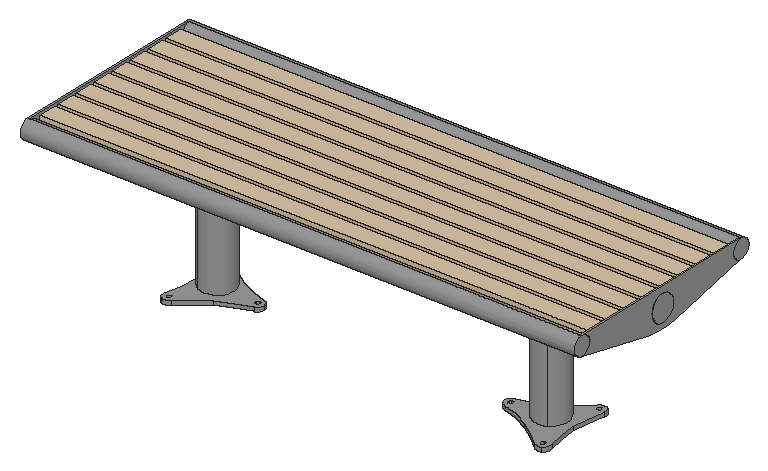
Revit family "Скамейка без спинки «Палермо натур»", category Мебель, Revit 2017
Family settings
  Номер OmniClass = 23.40.20.00
  Заголовок OmniClass = General Furniture and Specialties
  На основе рабочей плоскости = Нет
  Всегда вертикально = Да
  При загрузке вырезать с полостями = Нет
  Общий = Нет
  Точка расчета площади = Нет
Parameters (values of type "Скамейка без спинки «Палермо натур»")
  Стоимость = 0
  Изготовитель = "ООО \"Хоббика\""
  URL = "https://hobbyka.ru/product/skameyka_bez_spinki_palermo_natur/?sphrase_id=64312"
  ADSK_Размер_Ширина = 591 mm
  ADSK_Размер_Длина = 1500 mm
  ADSK_Размер_Высота = 426 mm
  ADSK_Наименование = "Скамейка без спинки «Палермо натур»"
  ADSK_Материал опоры = Алюминий 1100-H18
  ADSK_Материал доски = Лиственница
  ADSK_Код изделия = "11346"
Reference planes
  plane 1 "По центру (Вперед/Назад)": y = 0
  plane 2: z = 0
  plane 3 "По центру (Влево/Вправо)": x = 0
  plane 4: x = -750
  plane 5: x = 750
  plane 6: x = 720
  plane 7: x = -720
  plane 8: x = -756
  plane 9: x = 756
Forms (mm)
  Extrusion 1, solid, material "Алюминий 1100-H18" <- "ADSK_Материал опоры"
    sketch origin (0, 0, 0) x (0, 1, 0) y (0, 0, 1)
      loop
        circle (-270.901, 411.968) r 25.032
      loop
        circle (270.901, 411.968) r 25.032
    from -756 to 756
  Extrusion 2, solid, material "Алюминий 1100-H18" <- "ADSK_Материал опоры"
    sketch origin (0, 0, 0) x (1, 0, 0) y (0, 1, 0)
      loop
        line (-15, 258.5) -> (-15, -258.385) -> (15, -258.385) -> (15, 258.5) -> (-15, 258.5)
    from 390 to 398
  Extrusion 3, solid, material "Алюминий 1100-H18" <- "ADSK_Материал опоры"
    sketch origin (885, 0, 0) x (1, 0, 0) y (0, 1, 0)
      loop
        line (-165, 258.5) -> (-165, -258.385) -> (-135, -258.385) -> (-135, 258.5) -> (-165, 258.5)
    from 390 to 398
  Extrusion 4, solid, material "Алюминий 1100-H18" <- "ADSK_Материал опоры"
    sketch origin (-885, 0, 0) x (-1, 0, 0) y (0, -1, 0)
      loop
        line (-165, -258.5) -> (-135, -258.5) -> (-135, 258.385) -> (-165, 258.385) -> (-165, -258.5)
    from 390 to 398
  Extrusion 5, solid, material "Лиственница" <- "ADSK_Материал доски"
    sketch origin (0, 0, 0) x (1, 0, 0) y (0, 1, 0)
      loop
        line (750, 188.375) -> (750, 239.5) -> (-750, 239.5) -> (-750, 188.375) -> (750, 188.375)
    from 398 to 433
  Extrusion 6, solid, material "Лиственница" <- "ADSK_Материал доски"
    sketch origin (200, -427.875, 0) x (1, 0, 0) y (0, 1, 0)
      loop
        line (550, 188.375) -> (550, 239.5) -> (-950, 239.5) -> (-950, 188.375) -> (550, 188.375)
    from 398 to 433
  Extrusion 7, solid, material "Лиственница" <- "ADSK_Материал доски"
    sketch origin (28.571, -61.125, 0) x (1, 0, 0) y (0, 1, 0)
      loop
        line (721.429, 188.375) -> (721.429, 239.5) -> (-778.571, 239.5) -> (-778.571, 188.375) -> (721.429, 188.375)
    from 398 to 433
  Extrusion 8, solid, material "Лиственница" <- "ADSK_Материал доски"
    sketch origin (57.143, -122.25, 0) x (1, 0, 0) y (0, 1, 0)
      loop
        line (692.857, 188.375) -> (692.857, 239.5) -> (-807.143, 239.5) -> (-807.143, 188.375) -> (692.857, 188.375)
    from 398 to 433
  Extrusion 9, solid, material "Лиственница" <- "ADSK_Материал доски"
    sketch origin (85.714, -183.375, 0) x (1, 0, 0) y (0, 1, 0)
      loop
        line (664.286, 188.375) -> (664.286, 239.5) -> (-835.714, 239.5) -> (-835.714, 188.375) -> (664.286, 188.375)
    from 398 to 433
  Extrusion 10, solid, material "Лиственница" <- "ADSK_Материал доски"
    sketch origin (114.286, -244.5, 0) x (1, 0, 0) y (0, 1, 0)
      loop
        line (635.714, 188.375) -> (635.714, 239.5) -> (-864.286, 239.5) -> (-864.286, 188.375) -> (635.714, 188.375)
    from 398 to 433
  Extrusion 11, solid, material "Лиственница" <- "ADSK_Материал доски"
    sketch origin (142.857, -305.625, 0) x (1, 0, 0) y (0, 1, 0)
      loop
        line (607.143, 188.375) -> (607.143, 239.5) -> (-892.857, 239.5) -> (-892.857, 188.375) -> (607.143, 188.375)
    from 398 to 433
  Extrusion 12, solid, material "Лиственница" <- "ADSK_Материал доски"
    sketch origin (171.429, -366.75, 0) x (1, 0, 0) y (0, 1, 0)
      loop
        line (578.571, 188.375) -> (578.571, 239.5) -> (-921.429, 239.5) -> (-921.429, 188.375) -> (578.571, 188.375)
    from 398 to 433
Dimensions and locks
  equal spacing: plane 4, plane 3 "По центру (Влево/Вправо)", plane 5
  "ADSK_Размер_Длина": plane 4 to plane 5
  plane 6 to plane 5 = 30 mm
  Extrusion 2 to Extrusion 2 = 30 mm
  locked: plane 4 to plane 7 at 30
  locked: plane 8 to plane 4 at 6
  locked: plane 5 to plane 9 at 6
  aligned and locked: level to plane 2
  aligned and locked: plane 4 to nested 1
  aligned and locked: plane 5 to nested 2
  aligned and locked: plane 5 to Extrusion 3
  aligned and locked: Extrusion 3 to plane 6
  aligned and locked: Extrusion 4 to plane 4
  aligned and locked: Extrusion 4 to plane 7
  aligned and locked: Extrusion 3 to Extrusion 5
  aligned and locked: Extrusion 6 to plane 4  (x2)
  aligned and locked: Extrusion 5 to plane 4
  aligned and locked: Extrusion 7 to plane 4
  aligned and locked: Extrusion 8 to plane 4
  aligned and locked: Extrusion 9 to plane 4
  aligned and locked: Extrusion 10 to plane 4
  aligned and locked: Extrusion 11 to plane 4
  aligned and locked: Extrusion 12 to plane 4
  aligned and locked: plane 5 to Extrusion 5
  aligned and locked: plane 5 to Extrusion 7
  aligned and locked: plane 5 to Extrusion 8
  aligned and locked: plane 5 to Extrusion 9
  aligned and locked: plane 5 to Extrusion 10
  aligned and locked: plane 5 to Extrusion 11
  aligned and locked: plane 5 to Extrusion 12
  aligned and locked: plane 5 to Extrusion 6
  aligned and locked: Extrusion 1 to plane 9
  aligned and locked: Extrusion 1 to plane 8
Automatic sketch dimensions
  plane 1 "По центру (Вперед/Назад)" to Extrusion 1 sketch curve = 270.901 mm
  Extrusion 1 sketch curve to Extrusion 1 sketch curve = 0 mm  (x6)
  Extrusion 1 sketch curve to plane 1 "По центру (Вперед/Назад)" = 270.901 mm
  level to Extrusion 1 sketch curve = 411.968 mm  (x2)
  Extrusion 1 sketch curve to Extrusion 1 sketch curve = 25.032 mm  (x2)
  Extrusion 2 sketch curve to plane 3 "По центру (Влево/Вправо)" = 15 mm
  plane 3 "По центру (Влево/Вправо)" to Extrusion 2 sketch curve = 15 mm
  plane 1 "По центру (Вперед/Назад)" to Extrusion 2 sketch curve = 258.385 mm
  Extrusion 2 sketch curve to Extrusion 2 sketch curve = 0 mm
  Extrusion 2 sketch curve to plane 1 "По центру (Вперед/Назад)" = 258.5 mm
  Extrusion 3 sketch curve to plane 6 = 0 mm
  Extrusion 3 sketch curve to plane 5 = 0 mm
  plane 1 "По центру (Вперед/Назад)" to Extrusion 3 sketch curve = 258.385 mm
  Extrusion 3 sketch curve to Extrusion 3 sketch curve = 0 mm
  Extrusion 3 sketch curve to plane 1 "По центру (Вперед/Назад)" = 258.5 mm
  Extrusion 4 sketch curve to plane 7 = 0 mm
  Extrusion 4 sketch curve to plane 4 = 0 mm
  Extrusion 4 sketch curve to plane 1 "По центру (Вперед/Назад)" = 258.385 mm
  Extrusion 4 sketch curve to Extrusion 4 sketch curve = 0 mm
  plane 1 "По центру (Вперед/Назад)" to Extrusion 4 sketch curve = 258.5 mm
  Extrusion 5 sketch curve to Extrusion 5 sketch curve = 51.125 mm  (x2)
  Extrusion 5 sketch curve to Extrusion 5 sketch curve = 1500 mm
  Extrusion 5 sketch curve to Extrusion 5 sketch curve = 0 mm
  Extrusion 6 sketch curve to Extrusion 6 sketch curve = 51.125 mm  (x2)
  Extrusion 6 sketch curve to Extrusion 6 sketch curve = 1500 mm
  Extrusion 6 sketch curve to Extrusion 6 sketch curve = 0 mm
  Extrusion 7 sketch curve to Extrusion 7 sketch curve = 51.125 mm  (x2)
  Extrusion 7 sketch curve to Extrusion 7 sketch curve = 1500 mm
  Extrusion 7 sketch curve to Extrusion 7 sketch curve = 0 mm
  Extrusion 8 sketch curve to Extrusion 8 sketch curve = 51.125 mm  (x2)
  Extrusion 8 sketch curve to Extrusion 8 sketch curve = 1500 mm
  Extrusion 8 sketch curve to Extrusion 8 sketch curve = 0 mm
  Extrusion 9 sketch curve to Extrusion 9 sketch curve = 51.125 mm  (x2)
  Extrusion 9 sketch curve to Extrusion 9 sketch curve = 1500 mm
  Extrusion 9 sketch curve to Extrusion 9 sketch curve = 0 mm
  Extrusion 10 sketch curve to Extrusion 10 sketch curve = 51.125 mm  (x2)
  Extrusion 10 sketch curve to Extrusion 10 sketch curve = 1500 mm
  Extrusion 10 sketch curve to Extrusion 10 sketch curve = 0 mm
  Extrusion 11 sketch curve to Extrusion 11 sketch curve = 51.125 mm  (x2)
  Extrusion 11 sketch curve to Extrusion 11 sketch curve = 1500 mm
  Extrusion 11 sketch curve to Extrusion 11 sketch curve = 0 mm
  Extrusion 12 sketch curve to Extrusion 12 sketch curve = 51.125 mm  (x2)
  Extrusion 12 sketch curve to Extrusion 12 sketch curve = 1500 mm
  Extrusion 12 sketch curve to Extrusion 12 sketch curve = 0 mm
  Extrusion 5 sketch curve to plane 5 = 0 mm
  Extrusion 5 sketch curve to plane 1 "По центру (Вперед/Назад)" = 188.375 mm
  Extrusion 6 sketch curve to plane 4 = 0 mm
  plane 1 "По центру (Вперед/Назад)" to Extrusion 6 sketch curve = 239.5 mm
  Extrusion 7 sketch curve to plane 4 = 0 mm
  Extrusion 7 sketch curve to plane 1 "По центру (Вперед/Назад)" = 127.25 mm
  Extrusion 8 sketch curve to plane 1 "По центру (Вперед/Назад)" = 66.125 mm
  Extrusion 8 sketch curve to plane 4 = 0 mm
  Extrusion 9 sketch curve to plane 1 "По центру (Вперед/Назад)" = 5 mm
  Extrusion 9 sketch curve to plane 4 = 0 mm
  Extrusion 10 sketch curve to plane 4 = 0 mm
  plane 1 "По центру (Вперед/Назад)" to Extrusion 10 sketch curve = 56.125 mm
  Extrusion 11 sketch curve to plane 4 = 0 mm
  plane 1 "По центру (Вперед/Назад)" to Extrusion 11 sketch curve = 117.25 mm
  Extrusion 12 sketch curve to plane 4 = 0 mm
  plane 1 "По центру (Вперед/Назад)" to Extrusion 12 sketch curve = 178.375 mm
Nested families
  nested 1: "Семейство1" at (-150, -15, 0), материал <- "ADSK_Материал опоры", type "Семейство1"
    with материал Алюминий 1100-H18
  nested 2: "Семейство1" at (150, -15, 0) x (-1, 0, 0) z (0, 0, 1), материал <- "ADSK_Материал опоры", type "Семейство1"
    with материал Алюминий 1100-H18
  nested 3: "Семейство2" at (0, 0, 0) x (1, 0, 0) z (0, 0, 1), Материал <- "ADSK_Материал опоры", type "Семейство2"
    with Материал Алюминий 1100-H18
  nested 4: "Семейство2" at (0, 0, 0) x (-1, 0, 0) z (0, 0, 1), Материал <- "ADSK_Материал опоры", type "Семейство2"
    with Материал Алюминий 1100-H18
Definition of nested family "Семейство1"
  Parameters (values of type "Семейство1")
    материал [instance] = none
  Reference planes
    plane 1 "По центру (Вперед/Назад)": y = 0
    plane 2: z = 0
    plane 3 "По центру (Влево/Вправо)": x = 0
  Forms (mm)
    Extrusion 1, solid, material <- "материал"
      sketch origin (0, 0, 0) x (0, 1, 0) y (0, 0, 1)
        loop
          line (-259.169, 387.15) -> (-30, 338)
          arc (-30, 338) -> (15, 333.229) -> (60, 338) r 214.59
          line (60, 338) -> (289.169, 387.15)
          arc (289.169, 387.15) -> (260.923, 410.331) -> (285.901, 437) r 25.032
          line (285.901, 437) -> (-255.901, 437)
          arc (-255.901, 437) -> (-230.923, 410.331) -> (-259.169, 387.15) r 25.032
      from -600 to -606
    Extrusion 2, solid, material <- "материал"
      sketch origin (0, 0, 0) x (0, 1, 0) y (0, 0, 1)
        loop
          circle (15, 387) r 35
      from -610.01 to -606
  Dimensions and locks
    aligned and locked: level to plane 2
    aligned and locked: Extrusion 2 to Extrusion 1
Definition of nested family "Семейство2"
  Parameters (values of type "Семейство2")
    Материал [instance] = none
  Reference planes
    plane 1 "По центру (Вперед/Назад)": y = 0
    plane 2: z = 0
    plane 3 "По центру (Влево/Вправо)": x = 0
  Forms (mm)
    Extrusion 1, solid, material <- "Материал"
      sketch origin (0, 0, 0) x (1, 0, 0) y (0, 1, 0)
        loop
          circle (455.212, 0) r 45
      from 17 to 398
    Extrusion 2, solid, material <- "Материал"
      sketch origin (0, 0, 0) x (1, 0, 0) y (0, 1, 0)
        loop
          arc (496.525, -106.954) -> (507.164, -113.003) -> (519.212, -110.851) r 18
          arc (519.212, -110.851) -> (527.099, -101.493) -> (527.18, -89.255) r 18
          arc (527.18, -89.255) -> (518.764, -44.954) -> (515.212, 0) r 414.498
          arc (515.212, 0) -> (518.764, 44.954) -> (527.18, 89.255) r 414.498
          arc (527.18, 89.255) -> (527.099, 101.493) -> (519.212, 110.851) r 18
          arc (519.212, 110.851) -> (507.164, 113.003) -> (496.525, 106.954) r 18
          arc (496.525, 106.954) -> (462.366, 77.515) -> (425.212, 51.962) r 414.498
          arc (425.212, 51.962) -> (384.504, 32.562) -> (341.93, 17.698) r 414.498
          arc (341.93, 17.698) -> (331.372, 11.51) -> (327.212, 0) r 18
          arc (327.212, 0) -> (331.372, -11.509) -> (341.93, -17.698) r 18
          arc (341.93, -17.698) -> (384.504, -32.562) -> (425.212, -51.961) r 414.498
          arc (425.212, -51.961) -> (462.366, -77.515) -> (496.525, -106.954) r 414.498
      from 0 to 10
    Extrusion 3, solid, material <- "Материал"
      sketch origin (0, 0, 0) x (1, 0, 0) y (0, 1, 0)
        loop
          line (408, 258.5) -> (408, -258.5) -> (508, -258.5) -> (508, 258.5) -> (408, 258.5)
      from 390 to 398
    Extrusion 4, void
      sketch origin (0, 0, 0) x (1, 0, 0) y (0, 1, 0)
        loop
          circle (510.212, -95.263) r 6
        loop
          circle (345.212, 0) r 6
        loop
          circle (510.212, 95.263) r 6
      from 0 to 17
  Cuts and joins
    Extrusion 4 cuts Extrusion 2
    joined: Extrusion 1, Extrusion 2, Extrusion 3
  Dimensions and locks
    aligned and locked: level to plane 2
